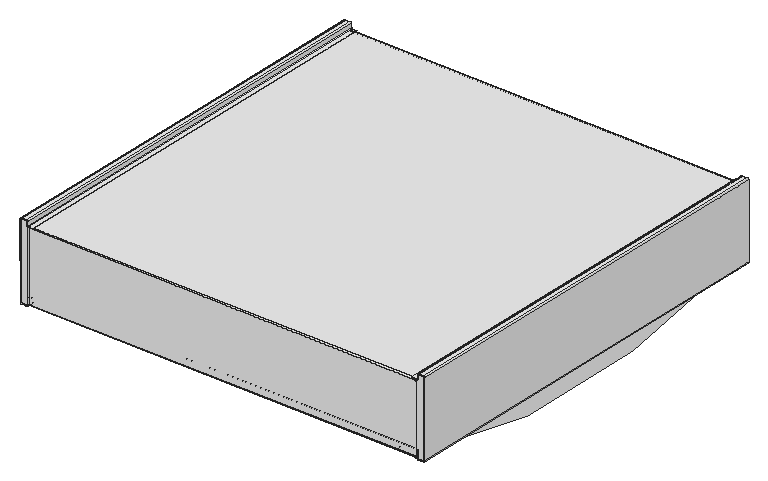
Revit family "MD2-OCRX2X2", category Lighting Fixtures, host Ceiling, Revit 2019
Family settings
  Host = Ceiling
  Round Connector Dimension = Use Diameter
  Part Type = Normal
  OmniClass Number = 23.80.70.11.14.17
  OmniClass Title = Direct/Indirect
  Always vertical = Yes
  Cut with Voids When Loaded = No
  Light Source = Yes
  Shared = No
  Room Calculation Point = No
Parameters (values of type "MD2-OCRX 2X2-LED840K040L-840K040LUNV-C97(2)")
  Width = 1' - 11 191/256"
  Wattage = 57.5 W
  built-in parameter 1150110 = 1 (stored number, unit not read)
  Voltage = 120 V
  URL = "https://www.viscor.com/en/products/md2-ocrx"
  built-in parameter 1114217 = 0.9 (stored number, unit not read)
  Tilt Angle = 90.00°
  built-in parameter 1150109 = 1 (stored number, unit not read)
  built-in parameter 1150134 = 12
  built-in parameter 1150113 = 1 (stored number, unit not read)
  Photometric Web File = "MD2-OCRX 2X2-LED840K040L-840K040LUNV-C97(2).ies"
  Model = "MD2-OCRX"  # constant formula
  Manufacturer = "CERTOLUX by VISCOR"  # constant formula
  Lumens = 7877.5 lm
  built-in parameter 1150115 = 1 (stored number, unit not read)
  built-in parameter 1150105 = 626.87 (stored number, unit not read)
  built-in parameter 1150137 = (empty or 0)
  built-in parameter 1150139 = (empty or 0)
  Lens Finish = Acrylic - Viscor - Opal White Square
  Lens Depth = 0' - 1 15/32"
  Length = 1' - 11 177/256"
  Lamp Wattage = 57.5 VA
  built-in parameter 1150112 = 1 (stored number, unit not read)
  built-in parameter 1150114 = 1 (stored number, unit not read)
  Lamp = "LED"  # constant formula
  built-in parameter 1150132 = (empty or 0)
  built-in parameter 1150102 = (empty or 0)
  built-in parameter 1150138 = (empty or 0)
  built-in parameter 1150107 = 4000 (stored number, unit not read)
  built-in parameter 1150106 = 6.2687 (stored number, unit not read)
  Housing Finish = Metal - Viscor - White
  Emit from Rectangle Width = Width  # 1' - 11 191/256"
  Emit from Rectangle Length = Length  # 1' - 11 177/256"
  Emit from Rectangle Height = Lens Depth  # 0' - 1 15/32"
  Emit Shape Visible in Rendering = no
  built-in parameter 1150104 = 12.728 (stored number, unit not read)
  Dimming Lamp Color Temperature Shift = <None>
  Description = "Patient Room Recessed Luminaire with Ambient and Examination Functions"  # constant formula
  Color Filter = 16777215
  built-in parameter 1114218 = 1 (stored number, unit not read)
  built-in parameter 1150133 = 10 (stored number, unit not read)
  Assembly Code = "D5020200"
  Apparent Load = Lamp Wattage  # 57.5 VA
Types (13): name | Wattage | Photometric Web File | Lumens | built-in parameter 1150105 | Lamp Wattage | built-in parameter 1150106 | built-in parameter 1150104 | Apparent Load
  (no name) | 57.5 W | "MD2-OCRX 2X2-LED840K040L-840K040LUNV-C97(2).ies" | 7877.5 lm | 626.87 (stored number, unit not read) | 57.5 VA | 6.2687 (stored number, unit not read) | 12.728 (stored number, unit not read) | 57.5 VA
  MD2-OCRX 2X2-LED840K030L-840K040LUNV-C97(2) | 50.8 W | "MD2-OCRX 2X2-LED840K030L-840K040LUNV-C97(2).ies" | 7112 lm | 565.95 (stored number, unit not read) | 50.8 VA | 5.6595 (stored number, unit not read) | 13.006 (stored number, unit not read) | 50.8 VA
  MD2-OCRX 2X2-LED840K030L-840K050LUNV-C97(2) | 58.2 W | "MD2-OCRX 2X2-LED840K030L-840K050LUNV-C97(2).ies" | 8089.8 lm | 643.77 (stored number, unit not read) | 58.2 VA | 6.4377 (stored number, unit not read) | 12.914 (stored number, unit not read) | 58.2 VA
  MD2-OCRX 2X2-LED840K030L-840K060LUNV-C97(2) | 66.4 W | "MD2-OCRX 2X2-LED840K030L-840K060LUNV-C97(2).ies" | 9163.2 lm | 729.18 (stored number, unit not read) | 66.4 VA | 7.2918 (stored number, unit not read) | 12.821 (stored number, unit not read) | 66.4 VA
  MD2-OCRX 2X2-LED840K030L-840K075LUNV-C97(2) | 77.9 W | "MD2-OCRX 2X2-LED840K030L-840K075LUNV-C97(2).ies" | 10672.3 lm | 849.27 (stored number, unit not read) | 77.9 VA | 8.4927 (stored number, unit not read) | 12.728 (stored number, unit not read) | 77.9 VA
  MD2-OCRX 2X2-LED840K040L-840K040LUNV-C97(2) | 57.5 W | "MD2-OCRX 2X2-LED840K040L-840K040LUNV-C97(2).ies" | 7877.5 lm | 626.87 (stored number, unit not read) | 57.5 VA | 6.2687 (stored number, unit not read) | 12.728 (stored number, unit not read) | 57.5 VA
  MD2-OCRX 2X2-LED840K040L-840K050LUNV-C97(2) | 64.9 W | "MD2-OCRX 2X2-LED840K040L-840K050LUNV-C97(2).ies" | 9021.1 lm | 717.88 (stored number, unit not read) | 64.9 VA | 7.1788 (stored number, unit not read) | 12.914 (stored number, unit not read) | 64.9 VA
  MD2-OCRX 2X2-LED840K040L-840K060LUNV-C97(2) | 73.1 W | "MD2-OCRX 2X2-LED840K040L-840K060LUNV-C97(2).ies" | 10087.8 lm | 802.76 (stored number, unit not read) | 73.1 VA | 8.0276 (stored number, unit not read) | 12.821 (stored number, unit not read) | 73.1 VA
  MD2-OCRX 2X2-LED840K040L-840K075LUNV-C97(2) | 84.6 W | "MD2-OCRX 2X2-LED840K040L-840K075LUNV-C97(2).ies" | 11590.2 lm | 922.32 (stored number, unit not read) | 84.6 VA | 9.2232 (stored number, unit not read) | 12.728 (stored number, unit not read) | 84.6 VA
  MD2-OCRX 2X2-LED840K050L-840K040LUNV-C97(2) | 65.8 W | "MD2-OCRX 2X2-LED840K050L-840K040LUNV-C97(2).ies" | 9080.4 lm | 722.6 (stored number, unit not read) | 65.8 VA | 7.226 (stored number, unit not read) | 12.821 (stored number, unit not read) | 65.8 VA
  MD2-OCRX 2X2-LED840K050L-840K050LUNV-C97(2) | 73.2 W | "MD2-OCRX 2X2-LED840K050L-840K050LUNV-C97(2).ies" | 10101.6 lm | 803.86 (stored number, unit not read) | 73.2 VA | 8.0386 (stored number, unit not read) | 12.821 (stored number, unit not read) | 73.2 VA
  MD2-OCRX 2X2-LED840K050L-840K060LUNV-C97(2) | 81.4 W | "MD2-OCRX 2X2-LED840K050L-840K060LUNV-C97(2).ies" | 11151.8 lm | 887.43 (stored number, unit not read) | 81.4 VA | 8.8743 (stored number, unit not read) | 12.728 (stored number, unit not read) | 81.4 VA
  MD2-OCRX 2X2-LED840K050L-840K075LUNV-C97(2) | 92.9 W | "MD2-OCRX 2X2-LED840K050L-840K075LUNV-C97(2).ies" | 12727.3 lm | 1012.8 (stored number, unit not read) | 92.9 VA | 10.128 (stored number, unit not read) | 12.728 (stored number, unit not read) | 92.9 VA
Reference planes (in)
  plane 1 "Light Source Axis (F/B)": y = 0
  plane 2 "Ceiling": z = 96
  plane 3 "Light Source Axis (L/R)": x = 0
  plane 4 "Light Source Elevation": z = 94.53125
  plane 5: y = 11.87305
  plane 6: y = -11.87305
  plane 7: x = -11.8457
  plane 8: x = 11.8457
  plane 9: x = 11.7832
  plane 10 "Lens Depth": z = 94.53125
  plane 11: x = -11.8125
  plane 12: x = -11.422
  plane 13: x = 11.422
Forms (in)
  Extrusion 1, solid, material "Acrylic - Viscor - Opal White Square" <- "Lens Finish"
    sketch origin (0, 0, 0) x (0, 1, 0) y (0, 0, 1)
      loop
        arc (11.39507, 96.29179) -> (11.4274, 96.28728) -> (11.44497, 96.25977) r 0.039
        line (11.44497, 96.25977) -> (11.46162, 96.13869)
        arc (11.46162, 96.13869) -> (11.47462, 96.1146) -> (11.50025, 96.105) r 0.039
        line (11.50025, 96.105) -> (11.63139, 96.105)
        arc (11.63139, 96.105) -> (11.65738, 96.11492) -> (11.67015, 96.13964) r 0.039
        line (11.67015, 96.13964) -> (11.6961, 96.37036)
        arc (11.6961, 96.37036) -> (11.71514, 96.39965) -> (11.75, 96.40194) r 0.039
        line (11.75, 96.40194) -> (11.75, 96.45224) -> (-11.75, 96.45224) -> (-11.75, 96.40194)
        arc (-11.75, 96.40194) -> (-11.71514, 96.39965) -> (-11.6961, 96.37036) r 0.039
        line (-11.6961, 96.37036) -> (-11.67015, 96.13964)
        arc (-11.67015, 96.13964) -> (-11.65738, 96.11492) -> (-11.63139, 96.105) r 0.039
        line (-11.63139, 96.105) -> (-11.50025, 96.105)
        arc (-11.50025, 96.105) -> (-11.47462, 96.1146) -> (-11.46162, 96.13869) r 0.039
        line (-11.46162, 96.13869) -> (-11.44497, 96.25977)
        arc (-11.44497, 96.25977) -> (-11.4274, 96.28728) -> (-11.39507, 96.29179) r 0.039
        arc (-11.39507, 96.29179) -> (0, 94.61) -> (11.39507, 96.29179) r 39.44485
      loop
        arc (11.38378, 96.32919) -> (11.44849, 96.32015) -> (11.48367, 96.26509) r 0.07806
        line (11.48367, 96.26509) -> (11.50031, 96.14406) -> (11.63134, 96.14406) -> (11.66161, 96.41318) -> (-11.66161, 96.41318) -> (-11.63134, 96.14406) -> (-11.50031, 96.14406) -> (-11.48367, 96.26509)
        arc (-11.48367, 96.26509) -> (-11.44849, 96.32015) -> (-11.38378, 96.32919) r 0.07806
        arc (-11.38378, 96.32919) -> (0, 94.64906) -> (11.38378, 96.32919) r 39.40578
    from -11.422 to 11.422
  Extrusion 2, void
    sketch origin (0, 0, 96) x (1, 0, 0) y (0, 1, 0)
      loop
        line (-11.8125, 11.87305) -> (-11.8125, -11.87305) -> (11.8457, -11.87305) -> (11.8457, 11.87305) -> (-11.8125, 11.87305)
    from -1.46875 to 4.69188
  Extrusion 3, solid, material "Acrylic - Viscor - Opal White Square" <- "Lens Finish"
    sketch origin (0, 0, 0) x (0, 1, 0) y (0, 0, 1)
      loop
        arc (11.39507, 96.29179) -> (11.4274, 96.28728) -> (11.44497, 96.25977) r 0.039
        line (11.44497, 96.25977) -> (11.46162, 96.13869)
        arc (11.46162, 96.13869) -> (11.47462, 96.1146) -> (11.50025, 96.105) r 0.039
        line (11.50025, 96.105) -> (11.63139, 96.105)
        arc (11.63139, 96.105) -> (11.65738, 96.11492) -> (11.67015, 96.13964) r 0.039
        line (11.67015, 96.13964) -> (11.6961, 96.37036)
        arc (11.6961, 96.37036) -> (11.71514, 96.39965) -> (11.75, 96.40194) r 0.039
        line (11.75, 96.40194) -> (11.75, 96.45224) -> (-11.75, 96.45224) -> (-11.75, 96.40194)
        arc (-11.75, 96.40194) -> (-11.71514, 96.39965) -> (-11.6961, 96.37036) r 0.039
        line (-11.6961, 96.37036) -> (-11.67015, 96.13964)
        arc (-11.67015, 96.13964) -> (-11.65738, 96.11492) -> (-11.63139, 96.105) r 0.039
        line (-11.63139, 96.105) -> (-11.50025, 96.105)
        arc (-11.50025, 96.105) -> (-11.47462, 96.1146) -> (-11.46162, 96.13869) r 0.039
        line (-11.46162, 96.13869) -> (-11.44497, 96.25977)
        arc (-11.44497, 96.25977) -> (-11.4274, 96.28728) -> (-11.39507, 96.29179) r 0.039
        arc (-11.39507, 96.29179) -> (0, 94.61) -> (11.39507, 96.29179) r 39.44485
    from 11.422 to 11.52608
  Extrusion 4, solid, material "Acrylic - Viscor - Opal White Square" <- "Lens Finish"
    sketch origin (0, 0, 0) x (0, 1, 0) y (0, 0, -1)
      loop
        arc (11.39507, -96.29179) -> (0, -94.61) -> (-11.39507, -96.29179) r 39.44485
        arc (-11.39507, -96.29179) -> (-11.4274, -96.28728) -> (-11.44497, -96.25977) r 0.039
        line (-11.44497, -96.25977) -> (-11.46162, -96.13869)
        arc (-11.46162, -96.13869) -> (-11.47462, -96.1146) -> (-11.50025, -96.105) r 0.039
        line (-11.50025, -96.105) -> (-11.63139, -96.105)
        arc (-11.63139, -96.105) -> (-11.65738, -96.11492) -> (-11.67015, -96.13964) r 0.039
        line (-11.67015, -96.13964) -> (-11.6961, -96.37036)
        arc (-11.6961, -96.37036) -> (-11.71514, -96.39965) -> (-11.75, -96.40194) r 0.039
        line (-11.75, -96.40194) -> (-11.75, -96.45224) -> (11.75, -96.45224) -> (11.75, -96.40194)
        arc (11.75, -96.40194) -> (11.71514, -96.39965) -> (11.6961, -96.37036) r 0.039
        line (11.6961, -96.37036) -> (11.67015, -96.13964)
        arc (11.67015, -96.13964) -> (11.65738, -96.11492) -> (11.63139, -96.105) r 0.039
        line (11.63139, -96.105) -> (11.50025, -96.105)
        arc (11.50025, -96.105) -> (11.47462, -96.1146) -> (11.46162, -96.13869) r 0.039
        line (11.46162, -96.13869) -> (11.44497, -96.25977)
        arc (11.44497, -96.25977) -> (11.4274, -96.28728) -> (11.39507, -96.29179) r 0.039
    from 11.422 to 11.52608
  Extrusion 5, solid, material "Metal - Viscor - White" <- "Housing Finish"
    sketch origin (0, 0, 0) x (0, 1, 0) y (0, 0, 1)
      loop
        arc (11.753, 96.02062) -> (11.79684, 96.03878) -> (11.815, 96.08262) r 0.062
        line (11.815, 96.08262) -> (11.815, 100.09862)
        arc (11.815, 100.09862) -> (11.79684, 100.14247) -> (11.753, 100.16062) r 0.062
        line (11.753, 100.16062) -> (-11.753, 100.16062)
        arc (-11.753, 100.16062) -> (-11.79684, 100.14247) -> (-11.815, 100.09862) r 0.062
        line (-11.815, 100.09862) -> (-11.815, 96.08262)
        arc (-11.815, 96.08262) -> (-11.79684, 96.03878) -> (-11.753, 96.02062) r 0.062
        line (-11.753, 96.02062) -> (-11.457, 96.02062)
        arc (-11.457, 96.02062) -> (-11.41316, 96.03878) -> (-11.395, 96.08262) r 0.062
        line (-11.395, 96.08262) -> (-11.395, 96.29562) -> (-11.42625, 96.29562) -> (-11.42625, 96.08262)
        arc (-11.42625, 96.08262) -> (-11.43526, 96.06088) -> (-11.457, 96.05187) r 0.03075
        line (-11.457, 96.05187) -> (-11.753, 96.05187)
        arc (-11.753, 96.05187) -> (-11.77474, 96.06088) -> (-11.78375, 96.08262) r 0.03075
        line (-11.78375, 96.08262) -> (-11.78375, 100.09862)
        arc (-11.78375, 100.09862) -> (-11.77474, 100.12037) -> (-11.753, 100.12937) r 0.03075
        line (-11.753, 100.12937) -> (11.753, 100.12937)
        arc (11.753, 100.12937) -> (11.77474, 100.12037) -> (11.78375, 100.09862) r 0.03075
        line (11.78375, 100.09862) -> (11.78375, 96.08262)
        arc (11.78375, 96.08262) -> (11.77474, 96.06088) -> (11.753, 96.05187) r 0.03075
        line (11.753, 96.05187) -> (11.457, 96.05187)
        arc (11.457, 96.05187) -> (11.43526, 96.06088) -> (11.42625, 96.08262) r 0.03075
        line (11.42625, 96.08262) -> (11.42625, 96.29562) -> (11.395, 96.29562) -> (11.395, 96.08262)
        arc (11.395, 96.08262) -> (11.41316, 96.03878) -> (11.457, 96.02062) r 0.062
        line (11.457, 96.02062) -> (11.753, 96.02062)
    from -11.422 to 11.422
  Extrusion 6, solid, material "Metal - Viscor - White" <- "Housing Finish"
    sketch origin (0, 0, 0) x (1, 0, 0) y (0, 0, 1)
      loop
        line (-11.425, 96.06963) -> (-11.425, 96.50063) -> (-11.45625, 96.50063) -> (-11.45625, 96.06963)
        arc (-11.45625, 96.06963) -> (-11.46731, 96.04293) -> (-11.494, 96.03188) r 0.03775
        line (-11.494, 96.03188) -> (-11.806, 96.03188)
        arc (-11.806, 96.03188) -> (-11.83269, 96.04293) -> (-11.84375, 96.06963) r 0.03775
        line (-11.84375, 96.06963) -> (-11.84375, 100.43163)
        arc (-11.84375, 100.43163) -> (-11.83269, 100.45832) -> (-11.806, 100.46938) r 0.03775
        line (-11.806, 100.46938) -> (-11.519, 100.46938)
        arc (-11.519, 100.46938) -> (-11.49231, 100.45832) -> (-11.48125, 100.43163) r 0.03775
        line (-11.48125, 100.43163) -> (-11.48125, 100.23963)
        arc (-11.48125, 100.23963) -> (-11.46067, 100.18995) -> (-11.411, 100.16938) r 0.07025
        line (-11.411, 100.16938) -> (-11.125, 100.16938) -> (-11.125, 100.20063) -> (-11.411, 100.20063)
        arc (-11.411, 100.20063) -> (-11.43858, 100.21205) -> (-11.45, 100.23963) r 0.039
        line (-11.45, 100.23963) -> (-11.45, 100.43163)
        arc (-11.45, 100.43163) -> (-11.47021, 100.48042) -> (-11.519, 100.50063) r 0.069
        line (-11.519, 100.50063) -> (-11.806, 100.50063)
        arc (-11.806, 100.50063) -> (-11.85479, 100.48042) -> (-11.875, 100.43163) r 0.069
        line (-11.875, 100.43163) -> (-11.875, 96.06963)
        arc (-11.875, 96.06963) -> (-11.85479, 96.02084) -> (-11.806, 96.00063) r 0.069
        line (-11.806, 96.00063) -> (-11.494, 96.00063)
        arc (-11.494, 96.00063) -> (-11.44521, 96.02084) -> (-11.425, 96.06963) r 0.069
    from -11.87305 to 11.87305
  Extrusion 7, solid, material "Metal - Viscor - White" <- "Housing Finish"
    sketch origin (0, 0, 0) x (-1, 0, 0) y (0, 0, -1)
      loop
        arc (-11.425, -96.06963) -> (-11.44521, -96.02084) -> (-11.494, -96.00063) r 0.069
        line (-11.494, -96.00063) -> (-11.806, -96.00063)
        arc (-11.806, -96.00063) -> (-11.85479, -96.02084) -> (-11.875, -96.06963) r 0.069
        line (-11.875, -96.06963) -> (-11.875, -100.43163)
        arc (-11.875, -100.43163) -> (-11.85479, -100.48042) -> (-11.806, -100.50063) r 0.069
        line (-11.806, -100.50063) -> (-11.519, -100.50063)
        arc (-11.519, -100.50063) -> (-11.47021, -100.48042) -> (-11.45, -100.43163) r 0.069
        line (-11.45, -100.43163) -> (-11.45, -100.23963)
        arc (-11.45, -100.23963) -> (-11.43858, -100.21205) -> (-11.411, -100.20063) r 0.039
        line (-11.411, -100.20063) -> (-11.125, -100.20063) -> (-11.125, -100.16938) -> (-11.411, -100.16938)
        arc (-11.411, -100.16938) -> (-11.46067, -100.18995) -> (-11.48125, -100.23963) r 0.07025
        line (-11.48125, -100.23963) -> (-11.48125, -100.43163)
        arc (-11.48125, -100.43163) -> (-11.49231, -100.45832) -> (-11.519, -100.46938) r 0.03775
        line (-11.519, -100.46938) -> (-11.806, -100.46938)
        arc (-11.806, -100.46938) -> (-11.83269, -100.45832) -> (-11.84375, -100.43163) r 0.03775
        line (-11.84375, -100.43163) -> (-11.84375, -96.06963)
        arc (-11.84375, -96.06963) -> (-11.83269, -96.04293) -> (-11.806, -96.03188) r 0.03775
        line (-11.806, -96.03188) -> (-11.494, -96.03188)
        arc (-11.494, -96.03188) -> (-11.46731, -96.04293) -> (-11.45625, -96.06963) r 0.03775
        line (-11.45625, -96.06963) -> (-11.45625, -96.50063) -> (-11.425, -96.50063) -> (-11.425, -96.06963)
    from -11.87305 to 11.87305
  Extrusion 8, solid, material "Metal - Viscor - White" <- "Housing Finish"
    sketch origin (0, 0, 0) x (1, 0, 0) y (0, 0, 1)
      loop
        arc (-11.84375, 96.06963) -> (-11.83269, 96.04293) -> (-11.806, 96.03188) r 0.03775
        line (-11.806, 96.03188) -> (-11.494, 96.03188)
        arc (-11.494, 96.03188) -> (-11.46731, 96.04293) -> (-11.45625, 96.06963) r 0.03775
        line (-11.45625, 96.06963) -> (-11.45625, 96.50063) -> (-11.422, 96.50063) -> (-11.422, 100.17024)
        arc (-11.422, 100.17024) -> (-11.46442, 100.19401) -> (-11.48125, 100.23963) r 0.07025
        line (-11.48125, 100.23963) -> (-11.48125, 100.43163)
        arc (-11.48125, 100.43163) -> (-11.49231, 100.45832) -> (-11.519, 100.46938) r 0.03775
        line (-11.519, 100.46938) -> (-11.806, 100.46938)
        arc (-11.806, 100.46938) -> (-11.83269, 100.45832) -> (-11.84375, 100.43163) r 0.03775
        line (-11.84375, 100.43163) -> (-11.84375, 96.06963)
    from 11.815 to 11.87305
  Extrusion 9, solid, material "Metal - Viscor - White" <- "Housing Finish"
    sketch origin (0, 0, 0) x (1, 0, 0) y (0, 0, -1)
      loop
        line (-11.84375, -96.06963) -> (-11.84375, -100.43163)
        arc (-11.84375, -100.43163) -> (-11.83269, -100.45832) -> (-11.806, -100.46938) r 0.03775
        line (-11.806, -100.46938) -> (-11.519, -100.46938)
        arc (-11.519, -100.46938) -> (-11.49231, -100.45832) -> (-11.48125, -100.43163) r 0.03775
        line (-11.48125, -100.43163) -> (-11.48125, -100.23963)
        arc (-11.48125, -100.23963) -> (-11.46442, -100.19401) -> (-11.422, -100.17024) r 0.07025
        line (-11.422, -100.17024) -> (-11.422, -96.50063) -> (-11.45625, -96.50063) -> (-11.45625, -96.06963)
        arc (-11.45625, -96.06963) -> (-11.46731, -96.04293) -> (-11.494, -96.03188) r 0.03775
        line (-11.494, -96.03188) -> (-11.806, -96.03188)
        arc (-11.806, -96.03188) -> (-11.83269, -96.04293) -> (-11.84375, -96.06963) r 0.03775
    from 11.815 to 11.87305
  Extrusion 10, solid, material "Metal - Viscor - White" <- "Housing Finish"
    sketch origin (0, 0, 0) x (-1, 0, 0) y (0, 0, -1)
      loop
        line (-11.84375, -96.06963) -> (-11.84375, -100.43163)
        arc (-11.84375, -100.43163) -> (-11.83269, -100.45832) -> (-11.806, -100.46938) r 0.03775
        line (-11.806, -100.46938) -> (-11.519, -100.46938)
        arc (-11.519, -100.46938) -> (-11.49231, -100.45832) -> (-11.48125, -100.43163) r 0.03775
        line (-11.48125, -100.43163) -> (-11.48125, -100.23963)
        arc (-11.48125, -100.23963) -> (-11.46442, -100.19401) -> (-11.422, -100.17024) r 0.07025
        line (-11.422, -100.17024) -> (-11.422, -96.50063) -> (-11.45625, -96.50063) -> (-11.45625, -96.06963)
        arc (-11.45625, -96.06963) -> (-11.46731, -96.04293) -> (-11.494, -96.03188) r 0.03775
        line (-11.494, -96.03188) -> (-11.806, -96.03188)
        arc (-11.806, -96.03188) -> (-11.83269, -96.04293) -> (-11.84375, -96.06963) r 0.03775
    from 11.815 to 11.87305
  Extrusion 11, solid, material "Metal - Viscor - White" <- "Housing Finish"
    sketch origin (0, 0, 0) x (-1, 0, 0) y (0, 0, 1)
      loop
        arc (-11.84375, 96.06963) -> (-11.83269, 96.04293) -> (-11.806, 96.03188) r 0.03775
        line (-11.806, 96.03188) -> (-11.494, 96.03188)
        arc (-11.494, 96.03188) -> (-11.46731, 96.04293) -> (-11.45625, 96.06963) r 0.03775
        line (-11.45625, 96.06963) -> (-11.45625, 96.50063) -> (-11.422, 96.50063) -> (-11.422, 100.17024)
        arc (-11.422, 100.17024) -> (-11.46442, 100.19401) -> (-11.48125, 100.23963) r 0.07025
        line (-11.48125, 100.23963) -> (-11.48125, 100.43163)
        arc (-11.48125, 100.43163) -> (-11.49231, 100.45832) -> (-11.519, 100.46938) r 0.03775
        line (-11.519, 100.46938) -> (-11.806, 100.46938)
        arc (-11.806, 100.46938) -> (-11.83269, 100.45832) -> (-11.84375, 100.43163) r 0.03775
        line (-11.84375, 100.43163) -> (-11.84375, 96.06963)
    from 11.815 to 11.87305
  Extrusion 12, solid, material "Metal - Viscor - White" <- "Housing Finish"
    sketch origin (0, 0, 0) x (0, 1, 0) y (0, 0, 1)
      loop
        line (7.42649, 100.13762) -> (6.92876, 100.13762) -> (6.92876, 100.10637) -> (7.4187, 100.10637) -> (11.74444, 97.80634)
        arc (11.74444, 97.80634) -> (11.75636, 97.79503) -> (11.76075, 97.77919) r 0.03075
        line (11.76075, 97.77919) -> (11.76075, 96.05262) -> (11.792, 96.05262) -> (11.792, 97.77919)
        arc (11.792, 97.77919) -> (11.78314, 97.81112) -> (11.75911, 97.83393) r 0.062
        line (11.75911, 97.83393) -> (7.42649, 100.13762)
    from -11.422 to 11.422
  Extrusion 13, solid, material "Metal - Viscor - White" <- "Housing Finish"
    sketch origin (0, 0, 0) x (0, -1, 0) y (0, 0, -1)
      loop
        line (7.42649, -100.13762) -> (11.75911, -97.83393)
        arc (11.75911, -97.83393) -> (11.78314, -97.81112) -> (11.792, -97.77919) r 0.062
        line (11.792, -97.77919) -> (11.792, -96.05262) -> (11.76075, -96.05262) -> (11.76075, -97.77919)
        arc (11.76075, -97.77919) -> (11.75636, -97.79503) -> (11.74444, -97.80634) r 0.03075
        line (11.74444, -97.80634) -> (7.4187, -100.10637) -> (6.92876, -100.10637) -> (6.92876, -100.13762) -> (7.42649, -100.13762)
    from -11.422 to 11.422
Dimensions and locks (in)
  equal spacing: host sketch curve, plane 3 "Light Source Axis (L/R)", host sketch curve
  equal spacing: host sketch curve, plane 1 "Light Source Axis (F/B)", host sketch curve
  host sketch curve to host sketch curve = 10' - 0"  (x2)
  equal spacing: plane 7, plane 3 "Light Source Axis (L/R)", plane 8
  "Length": plane 7 to plane 8
  equal spacing: plane 5, plane 1 "Light Source Axis (F/B)", plane 6
  "Width": plane 5 to plane 6
  "Emit from Rectangle Height": plane 4 "Light Source Elevation" to plane 2 "Ceiling"
  locked: plane 9 to plane 8 at 0.0625
  "Lens Depth": plane 2 "Ceiling" to plane 10 "Lens Depth"
  locked: plane 12 to plane 3 "Light Source Axis (L/R)" at 11.422
  locked: plane 3 "Light Source Axis (L/R)" to plane 13 at 11.422
  aligned and locked: plane 3 "Light Source Axis (L/R)" to imposter light
  aligned and locked: plane 1 "Light Source Axis (F/B)" to imposter light
  aligned and locked: plane 4 "Light Source Elevation" to imposter light
  aligned and locked: Extrusion 1 to plane 12
  aligned and locked: plane 13 to Extrusion 1
  aligned and locked: Extrusion 5 to plane 12
  aligned and locked: plane 13 to Extrusion 5
  aligned and locked: plane 5 to Extrusion 6
  aligned and locked: Extrusion 6 to plane 6
  aligned and locked: plane 5 to Extrusion 7
  aligned and locked: Extrusion 7 to plane 6
  aligned and locked: Extrusion 8 to plane 6
  aligned and locked: plane 5 to Extrusion 9
  aligned and locked: Extrusion 12 to plane 12
  aligned and locked: plane 13 to Extrusion 12
  aligned and locked: Extrusion 13 to plane 12
  aligned and locked: plane 13 to Extrusion 13
Automatic sketch dimensions
  Extrusion 1 sketch curve to Extrusion 1 sketch curve = 0' - 0"  (x8)
  Extrusion 1 sketch curve to plane 1 "Light Source Axis (F/B)" = 0' - 0"
  plane 6 to Extrusion 1 sketch curve = 0' - 0.46671"
  plane 2 "Ceiling" to Extrusion 1 sketch curve = 0' - 0.25977"  (x2)
  Extrusion 1 sketch curve to Extrusion 1 sketch curve = 0' - 0.03864"  (x4)
  plane 2 "Ceiling" to Extrusion 1 sketch curve = 0' - 0.13869"  (x2)
  Extrusion 1 sketch curve to Extrusion 1 sketch curve = 0' - 0.01665"  (x2)
  Extrusion 1 sketch curve to Extrusion 1 sketch curve = 0' - 0.0387"  (x2)
  Extrusion 1 sketch curve to Extrusion 1 sketch curve = 0' - 0.00005"  (x2)
  Extrusion 1 sketch curve to Extrusion 1 sketch curve = 0' - 0.13103"  (x2)
  Extrusion 1 sketch curve to Extrusion 1 sketch curve = 0' - 0.00006"  (x4)
  plane 6 to Extrusion 1 sketch curve = 0' - 0.21144"
  plane 2 "Ceiling" to Extrusion 1 sketch curve = 0' - 0.13964"  (x2)
  Extrusion 1 sketch curve to Extrusion 1 sketch curve = 0' - 0.03876"  (x4)
  Extrusion 1 sketch curve to Extrusion 1 sketch curve = 0' - 0.03449"  (x2)
  Extrusion 1 sketch curve to Extrusion 1 sketch curve = 0' - 0.01514"  (x2)
  Extrusion 1 sketch curve to plane 5 = 0' - 0.46671"
  Extrusion 1 sketch curve to plane 5 = 0' - 0.21144"
  Extrusion 1 sketch curve to Extrusion 1 sketch curve = 0' - 0.03464"  (x2)
  Extrusion 1 sketch curve to Extrusion 1 sketch curve = 0' - 0.00531"  (x2)
  Extrusion 1 sketch curve to Extrusion 1 sketch curve = 0' - 0.00532"  (x2)
  Extrusion 1 sketch curve to Extrusion 1 sketch curve = 0' - 0.22636"  (x2)
  Extrusion 1 sketch curve to Extrusion 1 sketch curve = 0' - 0.00436"  (x2)
  Extrusion 1 sketch curve to Extrusion 1 sketch curve = 0' - 0.04282"
  Extrusion 1 sketch curve to Extrusion 1 sketch curve = 0' - 0.0503"
  plane 2 "Ceiling" to Extrusion 1 sketch curve = 3' - 2.05485"
  Extrusion 2 sketch curve to plane 6 = 0' - 0"
  Extrusion 2 sketch curve to plane 11 = 0' - 0"
  Extrusion 2 sketch curve to plane 8 = 0' - 0"
  Extrusion 2 sketch curve to plane 5 = 0' - 0"
  Extrusion 3 sketch curve to plane 1 "Light Source Axis (F/B)" = 0' - 0"
  plane 6 to Extrusion 3 sketch curve = 0' - 0.46671"
  Extrusion 3 sketch curve to Extrusion 3 sketch curve = 0' - 0.03864"  (x4)
  plane 2 "Ceiling" to Extrusion 3 sketch curve = 0' - 0.13869"  (x2)
  Extrusion 3 sketch curve to Extrusion 3 sketch curve = 0' - 0.01665"  (x2)
  Extrusion 3 sketch curve to Extrusion 3 sketch curve = 0' - 0.13114"  (x2)
  plane 2 "Ceiling" to Extrusion 3 sketch curve = 0' - 0.13964"  (x2)
  Extrusion 3 sketch curve to Extrusion 3 sketch curve = 0' - 0.03876"  (x4)
  plane 6 to Extrusion 3 sketch curve = 0' - 0.17694"
  Extrusion 3 sketch curve to Extrusion 3 sketch curve = 0' - 0.01514"  (x2)
  Extrusion 3 sketch curve to plane 5 = 0' - 0.46671"
  Extrusion 3 sketch curve to plane 5 = 0' - 0.17694"
  Extrusion 3 sketch curve to Extrusion 3 sketch curve = 0' - 0.03369"  (x2)
  Extrusion 3 sketch curve to Extrusion 3 sketch curve = 0' - 0.11577"  (x2)
  Extrusion 3 sketch curve to Extrusion 3 sketch curve = 0' - 0.00531"  (x2)
  Extrusion 3 sketch curve to Extrusion 3 sketch curve = 0' - 0.22636"  (x2)
  Extrusion 3 sketch curve to Extrusion 3 sketch curve = 0' - 0.00436"  (x2)
  Extrusion 3 sketch curve to Extrusion 3 sketch curve = 0' - 0.0503"
  plane 2 "Ceiling" to Extrusion 3 sketch curve = 3' - 2.05485"
  Extrusion 3 sketch curve to Extrusion 3 sketch curve = 0' - 0"
  Extrusion 4 sketch curve to plane 1 "Light Source Axis (F/B)" = 0' - 0"
  plane 6 to Extrusion 4 sketch curve = 0' - 0.46671"
  Extrusion 4 sketch curve to Extrusion 4 sketch curve = 0' - 0.03864"  (x4)
  plane 2 "Ceiling" to Extrusion 4 sketch curve = 0' - 0.13869"  (x2)
  Extrusion 4 sketch curve to Extrusion 4 sketch curve = 0' - 0.01665"  (x2)
  Extrusion 4 sketch curve to Extrusion 4 sketch curve = 0' - 0.13114"  (x2)
  plane 2 "Ceiling" to Extrusion 4 sketch curve = 0' - 0.13964"  (x2)
  Extrusion 4 sketch curve to Extrusion 4 sketch curve = 0' - 0.03876"  (x4)
  plane 6 to Extrusion 4 sketch curve = 0' - 0.17694"
  Extrusion 4 sketch curve to Extrusion 4 sketch curve = 0' - 0.01514"  (x2)
  Extrusion 4 sketch curve to plane 5 = 0' - 0.46671"
  Extrusion 4 sketch curve to plane 5 = 0' - 0.17694"
  Extrusion 4 sketch curve to Extrusion 4 sketch curve = 0' - 0.00531"  (x3)
  Extrusion 4 sketch curve to Extrusion 4 sketch curve = 0' - 0.00436"  (x3)
  Extrusion 4 sketch curve to Extrusion 4 sketch curve = 0' - 0.11577"  (x2)
  Extrusion 4 sketch curve to Extrusion 4 sketch curve = 0' - 0.22636"  (x2)
  Extrusion 4 sketch curve to Extrusion 4 sketch curve = 0' - 0.0503"
  plane 2 "Ceiling" to Extrusion 4 sketch curve = 3' - 2.05485"
  Extrusion 4 sketch curve to Extrusion 4 sketch curve = 0' - 0"
  Extrusion 5 sketch curve to Extrusion 5 sketch curve = 0' - 0"  (x12)
  plane 6 to Extrusion 5 sketch curve = 0' - 0.05805"
  Extrusion 5 sketch curve to Extrusion 5 sketch curve = 0' - 0 1/32"
  Extrusion 5 sketch curve to Extrusion 5 sketch curve = 0' - 0.03075"  (x5)
  plane 2 "Ceiling" to Extrusion 5 sketch curve = 0' - 0.08262"
  Extrusion 5 sketch curve to Extrusion 5 sketch curve = 0' - 0.296"
  Extrusion 5 sketch curve to plane 5 = 0' - 0.47805"
  Extrusion 5 sketch curve to plane 5 = 0' - 0.12005"  (x2)
  plane 2 "Ceiling" to Extrusion 5 sketch curve = 0' - 0.02062"
  Extrusion 5 sketch curve to Extrusion 5 sketch curve = 0' - 0.213"  (x2)
  Extrusion 5 sketch curve to Extrusion 5 sketch curve = 0' - 3.803"
  Extrusion 6 sketch curve to Extrusion 6 sketch curve = 0' - 0"  (x10)
  Extrusion 6 sketch curve to plane 7 = 0' - 0.0293"
  plane 7 to Extrusion 6 sketch curve = 0' - 0.00195"
  plane 11 to Extrusion 6 sketch curve = 0' - 0.0065"  (x2)
  Extrusion 6 sketch curve to plane 12 = 0' - 0.097"
  Extrusion 6 sketch curve to plane 12 = 0' - 0.072"
  Extrusion 6 sketch curve to Extrusion 6 sketch curve = 0' - 0.03775"
  Extrusion 6 sketch curve to plane 12 = 0' - 0.03425"
  plane 12 to Extrusion 6 sketch curve = 0' - 0.011"
  Extrusion 6 sketch curve to Extrusion 6 sketch curve = 0' - 0.286"
  plane 2 "Ceiling" to Extrusion 6 sketch curve = 0' - 0.00063"
  Extrusion 6 sketch curve to Extrusion 6 sketch curve = 0' - 0.431"
  Extrusion 6 sketch curve to Extrusion 6 sketch curve = 0' - 3.66875"
  Extrusion 6 sketch curve to Extrusion 6 sketch curve = 0' - 0.192"
  Extrusion 7 sketch curve to Extrusion 7 sketch curve = 0' - 0"  (x10)
  Extrusion 7 sketch curve to plane 8 = 0' - 0.0293"
  plane 8 to Extrusion 7 sketch curve = 0' - 0.00195"
  Extrusion 7 sketch curve to plane 9 = 0' - 0.0228"  (x2)
  Extrusion 7 sketch curve to plane 13 = 0' - 0.097"
  Extrusion 7 sketch curve to plane 13 = 0' - 0.072"
  Extrusion 7 sketch curve to Extrusion 7 sketch curve = 0' - 0.03775"
  Extrusion 7 sketch curve to plane 13 = 0' - 0.03425"
  plane 13 to Extrusion 7 sketch curve = 0' - 0.011"
  Extrusion 7 sketch curve to Extrusion 7 sketch curve = 0' - 0.286"
  Extrusion 7 sketch curve to plane 2 "Ceiling" = 0' - 0.00063"
  Extrusion 7 sketch curve to Extrusion 7 sketch curve = 0' - 0.431"
  Extrusion 7 sketch curve to Extrusion 7 sketch curve = 0' - 3.66875"
  Extrusion 7 sketch curve to Extrusion 7 sketch curve = 0' - 0.192"
  Extrusion 8 sketch curve to plane 12 = 0' - 0"
  Extrusion 8 sketch curve to plane 12 = 0' - 0.03425"
  Extrusion 8 sketch curve to plane 12 = 0' - 0.05925"
  plane 2 "Ceiling" to Extrusion 8 sketch curve = 0' - 0.03188"
  Extrusion 8 sketch curve to Extrusion 8 sketch curve = 0' - 0.03775"  (x2)
  plane 11 to Extrusion 8 sketch curve = 0' - 0.0065"  (x2)
  plane 7 to Extrusion 8 sketch curve = 0' - 0.00195"
  plane 12 to Extrusion 8 sketch curve = 0' - 0.011"
  Extrusion 8 sketch curve to Extrusion 8 sketch curve = 0' - 0.431"
  Extrusion 8 sketch curve to Extrusion 8 sketch curve = 0' - 3.66962"
  Extrusion 8 sketch curve to Extrusion 8 sketch curve = 0' - 0.192"
  Extrusion 9 sketch curve to plane 12 = 0' - 0"
  Extrusion 9 sketch curve to plane 12 = 0' - 0.03425"
  Extrusion 9 sketch curve to plane 12 = 0' - 0.05925"
  plane 2 "Ceiling" to Extrusion 9 sketch curve = 0' - 0.03188"
  Extrusion 9 sketch curve to Extrusion 9 sketch curve = 0' - 0.03775"  (x2)
  plane 11 to Extrusion 9 sketch curve = 0' - 0.0065"  (x2)
  plane 7 to Extrusion 9 sketch curve = 0' - 0.00195"
  plane 12 to Extrusion 9 sketch curve = 0' - 0.011"
  Extrusion 9 sketch curve to Extrusion 9 sketch curve = 0' - 0.431"
  Extrusion 9 sketch curve to Extrusion 9 sketch curve = 0' - 3.66962"
  Extrusion 9 sketch curve to Extrusion 9 sketch curve = 0' - 0.192"
  Extrusion 10 sketch curve to plane 13 = 0' - 0"
  Extrusion 10 sketch curve to Extrusion 10 sketch curve = 0' - 0.03425"
  Extrusion 10 sketch curve to plane 13 = 0' - 0.05925"
  Extrusion 10 sketch curve to plane 2 "Ceiling" = 0' - 0.03188"
  Extrusion 10 sketch curve to Extrusion 10 sketch curve = 0' - 0.03775"  (x2)
  Extrusion 10 sketch curve to plane 9 = 0' - 0.0228"  (x2)
  plane 8 to Extrusion 10 sketch curve = 0' - 0.00195"
  plane 13 to Extrusion 10 sketch curve = 0' - 0.011"
  Extrusion 10 sketch curve to Extrusion 10 sketch curve = 0' - 0.431"
  Extrusion 10 sketch curve to Extrusion 10 sketch curve = 0' - 3.66962"
  Extrusion 10 sketch curve to Extrusion 10 sketch curve = 0' - 0.192"
  Extrusion 11 sketch curve to plane 13 = 0' - 0"
  Extrusion 11 sketch curve to Extrusion 11 sketch curve = 0' - 0.03425"
  plane 13 to Extrusion 11 sketch curve = 0' - 0.05925"
  plane 2 "Ceiling" to Extrusion 11 sketch curve = 0' - 0.03188"
  Extrusion 11 sketch curve to Extrusion 11 sketch curve = 0' - 0.03775"  (x2)
  plane 9 to Extrusion 11 sketch curve = 0' - 0.0228"  (x2)
  Extrusion 11 sketch curve to plane 8 = 0' - 0.00195"
  Extrusion 11 sketch curve to plane 13 = 0' - 0.011"
  Extrusion 11 sketch curve to Extrusion 11 sketch curve = 0' - 0.431"
  Extrusion 11 sketch curve to Extrusion 11 sketch curve = 0' - 3.66962"
  Extrusion 11 sketch curve to Extrusion 11 sketch curve = 0' - 0.192"
  Extrusion 12 sketch curve to Extrusion 12 sketch curve = 0' - 0"  (x2)
  Extrusion 12 sketch curve to plane 5 = 0' - 4.94429"
  Extrusion 12 sketch curve to Extrusion 12 sketch curve = 0' - 0.48994"
  Extrusion 12 sketch curve to Extrusion 12 sketch curve = 0' - 0.00779"
  Extrusion 12 sketch curve to plane 5 = 0' - 0.14305"
  Extrusion 12 sketch curve to Extrusion 12 sketch curve = 0' - 0.01444"
  Extrusion 12 sketch curve to Extrusion 12 sketch curve = 0' - 0.01467"
  plane 2 "Ceiling" to Extrusion 12 sketch curve = 0' - 0.05262"
  Extrusion 12 sketch curve to plane 5 = 0' - 0.1123"
  Extrusion 12 sketch curve to Extrusion 12 sketch curve = 0' - 0 1/32"  (x2)
  Extrusion 12 sketch curve to Extrusion 12 sketch curve = 0' - 1 93/128"
  plane 2 "Ceiling" to Extrusion 12 sketch curve = 0' - 4.10637"
  Extrusion 13 sketch curve to Extrusion 13 sketch curve = 0' - 0"  (x2)
  Extrusion 13 sketch curve to plane 6 = 0' - 4.94429"
  Extrusion 13 sketch curve to Extrusion 13 sketch curve = 0' - 0.48994"
  Extrusion 13 sketch curve to Extrusion 13 sketch curve = 0' - 0.00779"
  Extrusion 13 sketch curve to plane 6 = 0' - 0.14305"
  Extrusion 13 sketch curve to Extrusion 13 sketch curve = 0' - 0.01444"
  Extrusion 13 sketch curve to Extrusion 13 sketch curve = 0' - 0.01467"
  Extrusion 13 sketch curve to plane 2 "Ceiling" = 0' - 0.05262"
  Extrusion 13 sketch curve to plane 6 = 0' - 0.1123"
  Extrusion 13 sketch curve to Extrusion 13 sketch curve = 0' - 0 1/32"  (x2)
  Extrusion 13 sketch curve to Extrusion 13 sketch curve = 0' - 1 93/128"
  Extrusion 13 sketch curve to plane 2 "Ceiling" = 0' - 4.10637"
Connectors (in)
  electrical at (0, 0, 96), driven by "Voltage", driven by "Apparent Load"
    settings: index 1, voltage 120 V, apparent load 0 VA, apparent load phase1 57.5 VA, apparent load phase2 0 VA, apparent load phase3 0 VA, power factor 1, load classification "Other", number of poles 1, system type 31, power factor state 1, is connector primary yes, connector utility no, sub classification motor no, connector description ""
